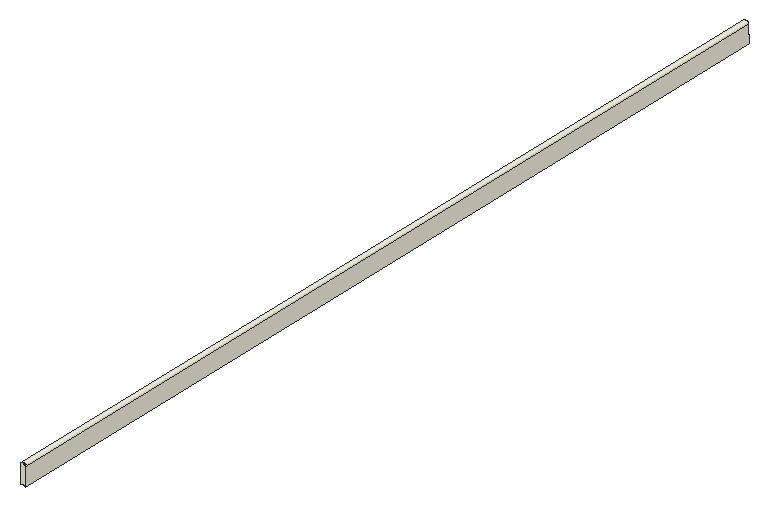
Revit family "Submerseal", category Specialty Equipment, host Face, Revit 2020
Family settings
  Host = Face
  Round Connector Dimension = Use Diameter
  Part Type = Normal
  Cut with Voids When Loaded = No
  Shared = No
  Room Calculation Point = No
Parameters (values of type "SEE TYPE CATEGORY")
  Depth Four three quarters [instance] = if(Width = 0' 4", 0' 4 3/4", Depth)  # 0' - 4"
  Depth Four five eighths [instance] = if(Width = 0' 3 3/4", 0' 4 5/8", Depth)  # 0' - 4"
  Depth Four half [instance] = if(Width = 0' 3 1/2", 0' 4 1/2", Depth)  # 0' - 4"
  Construction Note = "Submerseal is manufactured with a single bellow facing-surface irregardless of width."
  Bellow Four inch = no
  Bellow Three three quarters = no
  Bellow Three half = no
  Bellow Three quarter = no
  Width = 0' - 0 1/2"
  URL = "http://www.emseal.com/"
  Type Image = EMSEAL Submerseal.jpg
  Depth Two quarter [instance] = if(Width = 0' 1 1/4", 0' 2 1/4", Depth)  # 0' - 4"
  Tensile Strength (ASTM D3574) = "275 psi"
  Temperature Range (ASTM C711) = "185°F (85°C) to -40°F (-40°C)"
  Staining (ASTM C510) = "None"
  Depth One three quarters [instance] = if(Width < 0' 0 195/256", 0' 1 3/4", Depth)  # 0' - 1 3/4"
  Single three quarters = yes
  Depth Three eighth [instance] = if(Width = 0' 2 1/4", 0' 3 1/8", Depth)  # 0' - 4"
  Seal Material Note = "Submerseal is coated on the liquid-facing side with Dow DOWSIL™ 748 silicone"
  Seal Material [instance] = Silicone - Dowsil 748 White
  Rate of Air Leakage (ASTM E283) = "Passed"
  Radius [instance] = Width / 2  # 0' - 0 1/4"
  R Value Range (ASTM C518) = "N/A"
  Depth Two three quarters [instance] = if(Width = 0' 1 3/4", 0' 2 3/4", Depth)  # 0' - 4"
  Quarter Width [instance] = Width * 0.25  # 0' - 0 1/8"
  Depth Two five eighths [instance] = if(Width = 0' 1 1/2", 0' 2 5/8", Depth)  # 0' - 4"
  Product Page URL = "https://bit.ly/3AJku5J"
  Product Documentation URL = "https://bit.ly/3jRbmWa"
  Product Data URL = "https://bit.ly/3jRbmWa"
  Pick Resistance = no
  Movement (of Nominal Material Size) = "+25% / -25%"
  Model = "Submerseal"
  Manufacturer = "EMSEAL Joint Systems Ltd"
  Length [instance] = 6' - 6 23/32"
  Depth Three [instance] = if(Width = 0' 2", 0' 3", Depth)  # 0' - 4"
  Durometer Hardness of Silicone Coating (ASTM D2240) = "Shore A: 35"
  Depth Two eighth [instance] = if(Width = 0' 1", 0' 2 1/8", Depth)  # 0' - 4"
  Description = "Watertight Joint System for Continuous Immersion in Chlorinated, Saline, Potable or Wastewater Environments"
  Depth Three half [instance] = if(Width = 0' 3", 0' 3 1/2", Depth)  # 0' - 4"
  Depth Three three eighths [instance] = if(or(Width > 0' 2 125/256", Width < 0' 2 193/256"), 0' 3 3/8", Depth)  # 0' - 3 3/8"
  Depth Four three eighths [instance] = if(Width = 0' 3 1/4", 0' 4 3/8", Depth)  # 0' - 4"
  Depth = 0' - 4"
  Default Elevation = 0' - 0"
  Calc Width Single [instance] = if(Width > 0' 1 67/256", 0' 1 67/256", Width)  # 0' - 0 1/2"
  Bellow Three inch = no
  Bellow Two three quarters = no
  Bellow Two quarter = no
  Bellow Two inch = no
  Bellow One three quarters = no
  Bellow One half = no
  Bellow One quarter = no
  Bellow One inch = no
  Assembly Code = "C3020200"
  ABAA Compliance = yes
Reference planes (in)
  plane 1 "Center (Front/Back)": y = 0
  plane 2: z = 0
  plane 3 "Center (Left/Right)": x = 0
  plane 4 "Width 1": x = -0.25
  plane 5 "Width 2": x = 0.25
  plane 6: y = 39.35937
  plane 7: y = -39.35938
  plane 8: z = -1.75
  plane 9: x = 0.25
  plane 10: x = -0.25
  plane 11 "Single Width 1": x = -0.25
  plane 12 "Single Width 2": x = 0.25
  plane 13 "Expansion Line": z = 0.03125
  plane 14 "Hex Center": x = 0
  plane 15: z = -1.625
  plane 16: z = -4
  plane 17: z = -3.875
  plane 18: z = -4
  plane 19: z = -3.875
  plane 20: z = -0.25
  plane 21: z = -4
  plane 22: z = -3.875
  plane 23: z = -4
  plane 24: z = -3.875
  plane 25: z = -4
  plane 26: z = -3.875
  plane 27: z = -4
  plane 28: z = -3.875
  plane 29: z = -3.375
  plane 30: z = -3.25
  plane 31: z = -4
  plane 32: z = -3.875
  plane 33: z = -4
  plane 34: z = -3.875
  plane 35: z = -4
  plane 36: z = -3.875
  plane 37: z = -4
  plane 38: z = -3.875
  plane 39: z = -4
  plane 40: z = -3.875
Forms (in)
  Extrusion 1, void
    sketch origin (0, 0, 0) x (1, 0, 0) y (0, 1, 0)
      loop
        line (-0.25, -39.35938) -> (0.25, -39.35938) -> (0.25, 39.35937) -> (-0.25, 39.35937) -> (-0.25, -39.35938)
    from 0 to -30
  Extrusion 2, solid, detail levels coarse
    sketch origin (0, 0, 0) x (1, 0, 0) y (0, 1, 0)
      loop
        line (-0.25, 39.35937) -> (-0.25, -39.35938) -> (0.25, -39.35938) -> (0.25, 39.35937) -> (-0.25, 39.35937)
    from 0 to -1.75
  Extrusion 3, solid, material "Silicone - Dowsil 748 White" <- "Seal Material", visible <- "Single three quarters"
    sketch origin (0, 0, 0) x (1, 0, 0) y (0, 0, 1)
      loop
        line (-0.25, -1.75) -> (0, -1.625) -> (0.25, -1.75) -> (0.25, -0.25)
        arc (0.25, -0.25) -> (0, 0) -> (-0.25, -0.25) r 0.25
        line (-0.25, -0.25) -> (-0.25, -1.75)
    from 39.35938 to -39.35937
  Extrusion 4, solid, material "Silicone - Dowsil 748 White" <- "Seal Material", visible <- "Bellow One inch"
    sketch origin (0, 0, 0) x (1, 0, 0) y (0, 0, 1)
      loop
        line (-0.25, -4) -> (0, -1.625) -> (0.25, -4) -> (0.25, -0.25)
        arc (0.25, -0.25) -> (0, 0) -> (-0.25, -0.25) r 0.25
        line (-0.25, -0.25) -> (-0.25, -4)
    from 39.35938 to -39.35937
  Extrusion 5, solid, material "Silicone - Dowsil 748 White" <- "Seal Material", visible <- "Bellow One quarter"
    sketch origin (0, 0, 0) x (1, 0, 0) y (0, 0, 1)
      loop
        line (-0.25, -4) -> (0, -3.875) -> (0.25, -4) -> (0.25, -0.25)
        arc (0.25, -0.25) -> (0, 0) -> (-0.25, -0.25) r 0.25
        line (-0.25, -0.25) -> (-0.25, -4)
    from 39.35938 to -39.35937
  Extrusion 6, solid, material "Silicone - Dowsil 748 White" <- "Seal Material", visible <- "Bellow One half"
    sketch origin (0, 0, 0) x (1, 0, 0) y (0, 0, 1)
      loop
        line (-0.25, -4) -> (0, -3.875) -> (0.25, -4) -> (0.25, -0.25)
        arc (0.25, -0.25) -> (0, 0) -> (-0.25, -0.25) r 0.25
        line (-0.25, -0.25) -> (-0.25, -4)
    from 39.35938 to -39.35937
  Extrusion 7, solid, material "Silicone - Dowsil 748 White" <- "Seal Material", visible <- "Bellow One three quarters"
    sketch origin (0, 0, 0) x (1, 0, 0) y (0, 0, 1)
      loop
        line (-0.25, -4) -> (0, -3.875) -> (0.25, -4) -> (0.25, -0.25)
        arc (0.25, -0.25) -> (0, 0) -> (-0.25, -0.25) r 0.25
        line (-0.25, -0.25) -> (-0.25, -4)
    from 39.35938 to -39.35937
  Extrusion 8, solid, material "Silicone - Dowsil 748 White" <- "Seal Material", visible <- "Bellow Two inch"
    sketch origin (0, 0, 0) x (1, 0, 0) y (0, 0, 1)
      loop
        line (-0.25, -4) -> (0, -3.875) -> (0.25, -4) -> (0.25, -0.25)
        arc (0.25, -0.25) -> (0, 0) -> (-0.25, -0.25) r 0.25
        line (-0.25, -0.25) -> (-0.25, -4)
    from 39.35938 to -39.35937
  Extrusion 9, solid, material "Silicone - Dowsil 748 White" <- "Seal Material", visible <- "Bellow Two quarter"
    sketch origin (0, 0, 0) x (1, 0, 0) y (0, 0, 1)
      loop
        line (-0.25, -4) -> (0, -3.875) -> (0.25, -4) -> (0.25, -0.25)
        arc (0.25, -0.25) -> (0, 0) -> (-0.25, -0.25) r 0.25
        line (-0.25, -0.25) -> (-0.25, -4)
    from 39.35938 to -39.35937
  Extrusion 10, solid, material "Silicone - Dowsil 748 White" <- "Seal Material", visible <- "Bellow Two three quarters"
    sketch origin (0, 0, 0) x (1, 0, 0) y (0, 0, 1)
      loop
        line (-0.25, -3.375) -> (0, -3.25) -> (0.25, -3.375) -> (0.25, -0.25)
        arc (0.25, -0.25) -> (0, 0) -> (-0.25, -0.25) r 0.25
        line (-0.25, -0.25) -> (-0.25, -3.375)
    from 39.35938 to -39.35937
  Extrusion 11, solid, material "Silicone - Dowsil 748 White" <- "Seal Material", visible <- "Bellow Three inch"
    sketch origin (0, 0, 0) x (1, 0, 0) y (0, 0, 1)
      loop
        line (-0.25, -4) -> (0, -3.875) -> (0.25, -4) -> (0.25, -0.25)
        arc (0.25, -0.25) -> (0, 0) -> (-0.25, -0.25) r 0.25
        line (-0.25, -0.25) -> (-0.25, -4)
    from 39.35938 to -39.35937
  Extrusion 12, solid, material "Silicone - Dowsil 748 White" <- "Seal Material", visible <- "Bellow Three quarter"
    sketch origin (0, 0, 0) x (1, 0, 0) y (0, 0, 1)
      loop
        line (-0.25, -4) -> (0, -3.875) -> (0.25, -4) -> (0.25, -0.25)
        arc (0.25, -0.25) -> (0, 0) -> (-0.25, -0.25) r 0.25
        line (-0.25, -0.25) -> (-0.25, -4)
    from 39.35938 to -39.35937
  Extrusion 13, solid, material "Silicone - Dowsil 748 White" <- "Seal Material", visible <- "Bellow Three half"
    sketch origin (0, 0, 0) x (1, 0, 0) y (0, 0, 1)
      loop
        line (-0.25, -4) -> (0, -3.875) -> (0.25, -4) -> (0.25, -0.25)
        arc (0.25, -0.25) -> (0, 0) -> (-0.25, -0.25) r 0.25
        line (-0.25, -0.25) -> (-0.25, -4)
    from 39.35938 to -39.35937
  Extrusion 14, solid, material "Silicone - Dowsil 748 White" <- "Seal Material", visible <- "Bellow Three three quarters"
    sketch origin (0, 0, 0) x (1, 0, 0) y (0, 0, 1)
      loop
        line (-0.25, -4) -> (0, -3.875) -> (0.25, -4) -> (0.25, -0.25)
        arc (0.25, -0.25) -> (0, 0) -> (-0.25, -0.25) r 0.25
        line (-0.25, -0.25) -> (-0.25, -4)
    from 39.35938 to -39.35937
  Extrusion 15, solid, material "Silicone - Dowsil 748 White" <- "Seal Material", visible <- "Bellow Four inch"
    sketch origin (0, 0, 0) x (1, 0, 0) y (0, 0, 1)
      loop
        line (-0.25, -4) -> (0, -3.875) -> (0.25, -4) -> (0.25, -0.25)
        arc (0.25, -0.25) -> (0, 0) -> (-0.25, -0.25) r 0.25
        line (-0.25, -0.25) -> (-0.25, -4)
    from 39.35938 to -39.35937
Lines and regions (in)
  model lines, style "Expansion Graphic"
    curve 1: line (0, 39.35937, 0.03125) -> (0, -39.35938, 0.03125)
Dimensions and locks (in)
  "Width": plane 4 "Width 1" to plane 5 "Width 2"
  equal spacing: plane 4 "Width 1", plane 3 "Center (Left/Right)", plane 5 "Width 2"
  equal spacing: plane 6, plane 1 "Center (Front/Back)", plane 7
  "Length": plane 6 to plane 7
  "Depth One three quarters": plane 2 to plane 8
  plane 10 to plane 9 = 0' - 0 1/2"
  equal spacing: plane 11 "Single Width 1", plane 3 "Center (Left/Right)", plane 12 "Single Width 2"
  "Calc Width Single": plane 11 "Single Width 1" to plane 12 "Single Width 2"
  locked: plane 2 to Extrusion 3 sketch curve
  locked: plane 13 "Expansion Line" to level at 0.03125
  "Quarter Width": plane 15 to plane 8
  "Quarter Width": plane 17 to plane 16
  "Depth Two eighth": plane 2 to plane 16
  "Quarter Width": plane 19 to plane 18
  "Depth Two quarter": plane 2 to plane 18
  "Radius": plane 2 to plane 20
  "Quarter Width": plane 22 to plane 21
  "Depth Two five eighths": plane 2 to plane 21
  "Quarter Width": plane 24 to plane 23
  "Depth Two three quarters": plane 2 to plane 23
  "Quarter Width": plane 26 to plane 25
  "Depth Three": plane 2 to plane 25
  "Quarter Width": plane 28 to plane 27
  "Depth Three eighth": plane 2 to plane 27
  "Quarter Width": plane 30 to plane 29
  "Depth Three three eighths": plane 2 to plane 29
  "Quarter Width": plane 32 to plane 31
  "Depth Three half": plane 2 to plane 31
  "Quarter Width": plane 34 to plane 33
  "Depth Four three eighths": plane 2 to plane 33
  "Quarter Width": plane 36 to plane 35
  "Depth Four half": plane 2 to plane 35
  "Quarter Width": plane 38 to plane 37
  "Depth Four five eighths": plane 2 to plane 37
  "Quarter Width": plane 40 to plane 39
  "Depth Four three quarters": plane 2 to plane 39
  aligned and locked: plane 2 to host face
  aligned and locked: level to host face
  aligned and locked: Extrusion 1 sketch curve to plane 7
  aligned and locked: Extrusion 1 sketch curve to plane 4 "Width 1"
  aligned and locked: plane 6 to Extrusion 1 sketch curve
  aligned and locked: plane 5 "Width 2" to Extrusion 1 sketch curve
  aligned and locked: Extrusion 2 sketch curve to plane 6
  aligned and locked: plane 4 "Width 1" to Extrusion 2 sketch curve
  aligned and locked: plane 7 to Extrusion 2 sketch curve
  aligned and locked: Extrusion 2 sketch curve to plane 5 "Width 2"
  aligned and locked: Extrusion 2 to plane 8
  aligned and locked: level to Extrusion 2
  aligned and locked: plane 11 "Single Width 1" to Extrusion 3 sketch curve
  aligned and locked: Extrusion 3 sketch curve to plane 12 "Single Width 2"
  aligned and locked: Extrusion 3 to plane 7
  aligned and locked: plane 6 to Extrusion 3
  aligned and locked: curve 1 to plane 3 "Center (Left/Right)"
  aligned and locked: plane 6 to curve 1
  aligned and locked: plane 7 to curve 1
  aligned and locked: plane 3 "Center (Left/Right)" to Extrusion 3 sketch curve
  aligned and locked: plane 15 to Extrusion 3 sketch curve
  aligned and locked: plane 8 to Extrusion 3 sketch curve  (x2)
  aligned and locked: plane 11 "Single Width 1" to Extrusion 4 sketch curve
  aligned and locked: plane 16 to Extrusion 4 sketch curve  (x2)
  aligned and locked: plane 20 to Extrusion 3 sketch curve  (x2)
  aligned and locked: plane 20 to Extrusion 4 sketch curve  (x2)
  aligned and locked: plane 19 to Extrusion 5 sketch curve
  aligned and locked: plane 18 to Extrusion 5 sketch curve  (x2)
  aligned and locked: plane 20 to Extrusion 5 sketch curve  (x2)
  aligned and locked: plane 22 to Extrusion 6 sketch curve
  aligned and locked: plane 21 to Extrusion 6 sketch curve  (x2)
  aligned and locked: plane 5 "Width 2" to Extrusion 6 sketch curve
  aligned and locked: Extrusion 6 sketch curve to plane 4 "Width 1"
  aligned and locked: plane 20 to Extrusion 6 sketch curve  (x2)
  aligned and locked: plane 14 "Hex Center" to Extrusion 7 sketch curve
  aligned and locked: plane 24 to Extrusion 7 sketch curve
  aligned and locked: plane 23 to Extrusion 7 sketch curve  (x2)
  aligned and locked: Extrusion 7 sketch curve to plane 4 "Width 1"
  aligned and locked: plane 5 "Width 2" to Extrusion 7 sketch curve
  aligned and locked: plane 20 to Extrusion 7 sketch curve  (x2)
  aligned and locked: Extrusion 8 sketch curve to plane 4 "Width 1"
  aligned and locked: plane 5 "Width 2" to Extrusion 8 sketch curve
  aligned and locked: plane 26 to Extrusion 8 sketch curve
  aligned and locked: plane 14 "Hex Center" to Extrusion 8 sketch curve
  aligned and locked: plane 25 to Extrusion 8 sketch curve  (x2)
  aligned and locked: plane 20 to Extrusion 8 sketch curve  (x2)
  aligned and locked: plane 28 to Extrusion 9 sketch curve
  aligned and locked: plane 5 "Width 2" to Extrusion 9 sketch curve
  aligned and locked: Extrusion 9 sketch curve to plane 4 "Width 1"
  aligned and locked: plane 27 to Extrusion 9 sketch curve  (x2)
  aligned and locked: plane 20 to Extrusion 9 sketch curve  (x2)
  aligned and locked: plane 30 to Extrusion 10 sketch curve
  aligned and locked: plane 14 "Hex Center" to Extrusion 10 sketch curve
  aligned and locked: plane 5 "Width 2" to Extrusion 10 sketch curve
  aligned and locked: Extrusion 10 sketch curve to plane 4 "Width 1"
  aligned and locked: plane 29 to Extrusion 10 sketch curve  (x2)
  aligned and locked: plane 20 to Extrusion 10 sketch curve  (x2)
  aligned and locked: plane 32 to Extrusion 11 sketch curve
  aligned and locked: plane 14 "Hex Center" to Extrusion 11 sketch curve
  aligned and locked: plane 31 to Extrusion 11 sketch curve  (x2)
  aligned and locked: plane 5 "Width 2" to Extrusion 11 sketch curve
  aligned and locked: Extrusion 11 sketch curve to plane 4 "Width 1"
  aligned and locked: plane 20 to Extrusion 11 sketch curve  (x2)
  aligned and locked: Extrusion 12 sketch curve to plane 4 "Width 1"
  aligned and locked: plane 5 "Width 2" to Extrusion 12 sketch curve
  aligned and locked: plane 14 "Hex Center" to Extrusion 12 sketch curve
  aligned and locked: plane 33 to Extrusion 12 sketch curve  (x2)
  aligned and locked: plane 20 to Extrusion 12 sketch curve  (x2)
  aligned and locked: plane 34 to Extrusion 12 sketch curve
  aligned and locked: Extrusion 13 sketch curve to plane 4 "Width 1"
  aligned and locked: plane 5 "Width 2" to Extrusion 13 sketch curve
  aligned and locked: plane 14 "Hex Center" to Extrusion 13 sketch curve
  aligned and locked: plane 36 to Extrusion 13 sketch curve
  aligned and locked: plane 35 to Extrusion 13 sketch curve  (x2)
  aligned and locked: plane 20 to Extrusion 13 sketch curve  (x2)
  aligned and locked: Extrusion 14 sketch curve to plane 4 "Width 1"
  aligned and locked: plane 5 "Width 2" to Extrusion 14 sketch curve
  aligned and locked: plane 14 "Hex Center" to Extrusion 14 sketch curve
  aligned and locked: plane 38 to Extrusion 14 sketch curve
  aligned and locked: plane 37 to Extrusion 14 sketch curve  (x2)
  aligned and locked: plane 20 to Extrusion 14 sketch curve  (x2)
  aligned and locked: Extrusion 15 sketch curve to plane 4 "Width 1"
  aligned and locked: plane 5 "Width 2" to Extrusion 15 sketch curve
  aligned and locked: plane 20 to Extrusion 15 sketch curve  (x2)
  aligned and locked: plane 14 "Hex Center" to Extrusion 15 sketch curve
  aligned and locked: plane 40 to Extrusion 15 sketch curve
  aligned and locked: plane 39 to Extrusion 15 sketch curve  (x2)
Automatic sketch dimensions
  host sketch curve to host sketch curve = 8' - 0"  (x2)
  Extrusion 4 sketch curve to plane 3 "Center (Left/Right)" = 0' - 0"  (x2)
  Extrusion 4 sketch curve to plane 15 = 0' - 0"
  Extrusion 5 sketch curve to plane 4 "Width 1" = 0' - 0"
  Extrusion 5 sketch curve to plane 3 "Center (Left/Right)" = 0' - 0"  (x2)
  Extrusion 6 sketch curve to plane 3 "Center (Left/Right)" = 0' - 0"
  Extrusion 9 sketch curve to plane 3 "Center (Left/Right)" = 0' - 0"
Types in the file's own list only (15): name | Bellow Four inch | Bellow Three three quarters | Bellow Three half | Bellow Three quarter | Width | Single three quarters | Depth | Default Elevation | Bellow Three inch | Bellow Two three quarters | Bellow Two quarter | Bellow Two inch | Bellow One three quarters | Bellow One half | Bellow One quarter | Bellow One inch
  Subseal - .5 inches | No | No | No | No | 1/2" | Yes | 4" | 0" | No | No | No | No | No | No | No | No
  Subseal - .75 inches | No | No | No | No | 3/4" | Yes | 4" | 0" | No | No | No | No | No | No | No | No
  Subseal - 1 inches | No | No | No | No | 1" | No | 4" | 0" | No | No | No | No | No | No | No | Yes
  Subseal - 1.25 inches | No | No | No | No | 1 1/4" | No | 4" | 0" | No | No | No | No | No | No | Yes | No
  Subseal - 1.5 inches | No | No | No | No | 1 1/2" | No | 4" | 0" | No | No | No | No | No | Yes | No | No
  Subseal - 1.75 inches | No | No | No | No | 1 3/4" | No | 4" | 0" | No | No | No | No | Yes | No | No | No
  Subseal - 2 inches | No | No | No | No | 2" | No | 4" | 0" | No | No | No | Yes | No | No | No | No
  Subseal - 2.25 inches | No | No | No | No | 2 1/4" | No | 4" | 0" | No | No | Yes | No | No | No | No | No
  Subseal - 2.5inches | No | No | No | No | 2 1/2" | No | 4" | 0" | No | Yes | No | No | No | No | No | No
  Subseal - 2.75 inches | No | No | No | No | 2 3/4" | No | 4" | 0" | No | Yes | No | No | No | No | No | No
  Subseal - 3 inches | No | No | No | No | 3" | No | 4" | 0" | Yes | No | No | No | No | No | No | No
  Subseal - 3.25 inches | No | No | No | Yes | 3 1/4" | No | 4" | 0" | No | No | No | No | No | No | No | No
  Subseal - 3.5 inches | No | No | Yes | No | 3 1/2" | No | 4" | 0" | No | No | No | No | No | No | No | No
  Subseal - 3.75 inches | No | Yes | No | No | 3 3/4" | No | 4" | 0" | No | No | No | No | No | No | No | No
  Subseal - 4 inches | Yes | No | No | No | 4" | No | 4" | 0" | No | No | No | No | No | No | No | No
